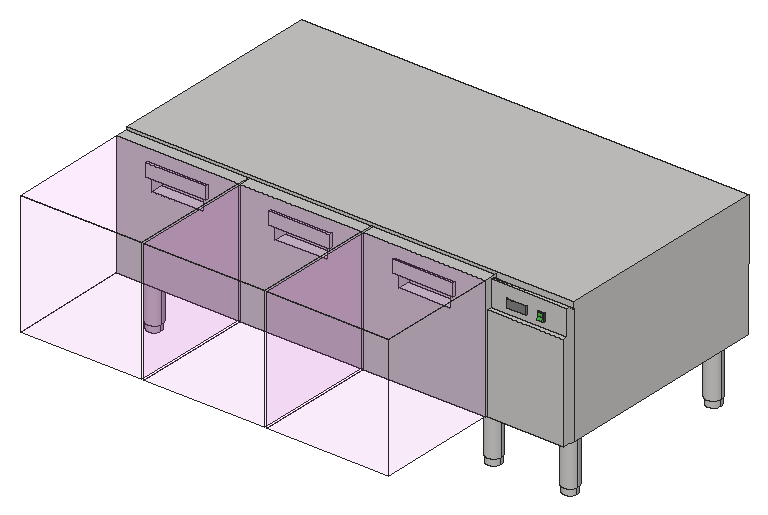
Revit family "QF_ELECTROLUXPROFESSIONAL_391601_E9TTAECOMKN", category Specialty Equipment, Revit 2018 (continued)
Lines and regions (mm)
  Split face 146
    outline origin (966.896, -448, 142.29) x (0, 0, -1) y (1, 0, 0)
      loop
        arc (-117.004, -234.4) -> (-121.004, -238.41) -> (-116.984, -242.399) r 4
        line (-116.984, -242.399) -> (-85.025, -242.399)
  Split face 147
    outline origin (978.896, -448, 142.29) x (0, 0, -1) y (1, 0, 0)
      loop
        arc (-85.025, -242.399) -> (-81.004, -238.41) -> (-85.004, -234.4) r 4
        line (-85.004, -234.4) -> (-117.004, -234.4)
        arc (-117.004, -234.4) -> (-121.004, -238.41) -> (-116.984, -242.399) r 4
        line (-116.984, -242.399) -> (-85.025, -242.399)
  Split face 148
    outline origin (990.896, -448, 142.29) x (0, 0, -1) y (1, 0, 0)
      loop
        arc (-85.025, -242.399) -> (-81.004, -238.41) -> (-85.004, -234.4) r 4
        line (-85.004, -234.4) -> (-117.004, -234.4)
        arc (-117.004, -234.4) -> (-121.004, -238.41) -> (-116.984, -242.399) r 4
        line (-116.984, -242.399) -> (-85.025, -242.399)
  Split face 149
    outline origin (1002.896, -448, 142.29) x (0, 0, -1) y (1, 0, 0)
      loop
        arc (-85.025, -242.399) -> (-81.004, -238.41) -> (-85.004, -234.4) r 4
        line (-85.004, -234.4) -> (-117.004, -234.4)
        arc (-117.004, -234.4) -> (-121.004, -238.41) -> (-116.984, -242.399) r 4
        line (-116.984, -242.399) -> (-85.025, -242.399)
  Split face 150
    outline origin (1014.896, -448, 142.29) x (0, 0, -1) y (1, 0, 0)
      loop
        arc (-85.025, -242.399) -> (-81.004, -238.41) -> (-85.004, -234.4) r 4
        line (-85.004, -234.4) -> (-117.004, -234.4)
        arc (-117.004, -234.4) -> (-121.004, -238.41) -> (-116.984, -242.399) r 4
        line (-116.984, -242.399) -> (-85.025, -242.399)
  Split face 151
    outline origin (787, -448, 142.29) x (0, 0, -1) y (1, 0, 0)
      loop
        arc (-85.025, -240.599) -> (-81.004, -236.61) -> (-85.004, -232.599) r 4
        line (-85.004, -232.599) -> (-117.004, -232.599)
        arc (-117.004, -232.599) -> (-121.004, -236.61) -> (-116.984, -240.599) r 4
        line (-116.984, -240.599) -> (-85.025, -240.599)
  symbolic lines, style "SpecialityEquipmentHiddenLines"
    curve 1: line (-799, 380, 0) -> (799, 380, 0)
    curve 2: line (-799, -448, 0) -> (-799, 380, 0)
    curve 3: line (799, -448, 0) -> (-799, -448, 0)
    curve 4: line (799, 380, 0) -> (799, -448, 0)
    curve 17: line (-799, -403, 0) -> (799, -403, 0)
  symbolic lines, style "QF_Door-Drawer Clearances"
    curve 5: line (-779, -448, 0) -> (-779, -573, 0)
    curve 6: line (-384.999, -573, 0) -> (-384.999, -448, 0)
    curve 7: line (-336.669, -448, 0) -> (-336.669, -573, 0)
    curve 8: line (57.331, -573, 0) -> (57.331, -448, 0)
    curve 9: line (-799, -573, 0) -> (-364.999, -573, 0)
    curve 10: line (-356.669, -573, 0) -> (77.331, -573, 0)
    curve 11: line (-799, -613, 0) -> (-364.999, -613, 0)
    curve 12: line (-356.669, -613, 0) -> (77.331, -613, 0)
    curve 13: line (-364.999, -613, 0) -> (-364.999, -573, 0)
    curve 14: line (-356.669, -573, 0) -> (-356.669, -613, 0)
    curve 15: line (-799, -573, 0) -> (-799, -613, 0)
    curve 16: line (77.331, -613, 0) -> (77.331, -573, 0)
    curve 18: line (105.661, -448, 0) -> (105.661, -573, 0)
    curve 19: line (499.661, -573, 0) -> (499.661, -448, 0)
    curve 20: line (85.661, -573, 0) -> (519.661, -573, 0)
    curve 21: line (85.661, -613, 0) -> (519.661, -613, 0)
    curve 22: line (85.661, -573, 0) -> (85.661, -613, 0)
    curve 23: line (519.661, -613, 0) -> (519.661, -573, 0)
Dimensions and locks
  plane 4 to level = 200 mm
  plane 5 "TOP" to level = 650 mm
  plane 5 "TOP" to plane 4 = 450 mm
  equal spacing: plane 8 "LEFT", plane 3 "Centro (Sinistra/Destra)", plane 9 "RIGHT"
  plane 8 "LEFT" to plane 9 "RIGHT" = 1600 mm
  equal spacing: plane 6 "BACK", plane 1 "Center X", plane 7 "FRONT"
  plane 6 "BACK" to plane 7 "FRONT" = 900 mm
  plane 6 "BACK" to plane 10 = 853 mm
  locked: plane 10 to plane 11 at 45
  locked: plane 8 "LEFT" to plane 12 at 55
  locked: plane 13 to plane 9 "RIGHT" at 55
  plane 12 to plane 14 = 1216 mm
  locked: plane 22 to plane 15 at 88
  locked: plane 16 to plane 11 at 98
  locked: plane 19 to plane 9 "RIGHT" at 1
  locked: plane 8 "LEFT" to plane 18 at 1
  plane 19 to plane 17 = 513 mm
  locked: plane 6 "BACK" to plane 20 at 160
  locked: plane 21 to plane 9 "RIGHT" at 40
  locked: plane 6 "BACK" to plane 22 at 70
  locked: plane 11 to plane 7 "FRONT" at 2
  plane 15 to plane 22 = 88 mm
  plane 11 to plane 16 = 98 mm
  plane 12 to plane 8 "LEFT" = 55 mm
  plane 14 to plane 12 = 1216 mm
  aligned and locked: level to plane 2
  aligned and locked: plane 12 to nested 1
  aligned and locked: nested 1 to plane 16
  aligned and locked: nested 2 to plane 15
  aligned and locked: plane 14 to nested 3
  aligned and locked: nested 4 to plane 14
  aligned and locked: plane 13 to nested 5
  aligned and locked: nested 6 to plane 13
  aligned and locked: Extrusion 1 sketch curve to plane 10
  aligned and locked: Extrusion 2 to plane 11
  aligned and locked: plane 4 to Extrusion 5
  aligned and locked: Extrusion 1 to plane 22
  aligned and locked: plane 15 to nested 6
  aligned and locked: plane 15 to nested 4
  aligned and locked: plane 16 to nested 5
  aligned and locked: plane 16 to nested 3
  aligned and locked: nested 2 to plane 12
Automatic sketch dimensions
  Extrusion 5 sketch curve to plane 20 = 30 mm
  Extrusion 5 sketch curve to plane 21 = 0 mm
  curve 1 to plane 18 = 0 mm
  curve 11 to plane 18 = 0 mm
  curve 5 to plane 11 = 0 mm
  curve 1 to plane 19 = 0 mm
  plane 10 to curve 17 = 0 mm
  curve 2 to plane 22 = 0 mm
  curve 11 to plane 7 "FRONT" = 163 mm
  curve 11 to plane 3 "Centro (Sinistra/Destra)" = 364.999 mm
  curve 11 to curve 12 = 8.33 mm
  plane 3 "Centro (Sinistra/Destra)" to curve 16 = 77.331 mm
  curve 10 to curve 20 = 8.33 mm
  plane 14 to curve 23 = 48.661 mm
  curve 21 to plane 7 "FRONT" = 163 mm
  curve 11 to curve 14 = 0 mm
  curve 12 to curve 16 = 40 mm
  curve 11 to curve 9 = 40 mm
  curve 10 to curve 20 = 0 mm
  curve 2 to curve 5 = 20 mm
  curve 6 to curve 9 = 20 mm
  curve 6 to curve 7 = 48.33 mm
  plane 3 "Centro (Sinistra/Destra)" to curve 8 = 57.331 mm
  curve 20 to curve 18 = 20 mm
  curve 19 to curve 20 = 20 mm
  Extrusion 1 sketch curve to plane 19 = 0 mm
  Extrusion 1 sketch curve to plane 18 = 0 mm
  plane 22 to Extrusion 1 sketch curve = 0 mm
  Extrusion 2 sketch curve to plane 18 = 0 mm
  plane 12 to Extrusion 2 sketch curve = 69.7 mm
  Extrusion 2 sketch curve to Extrusion 2 sketch curve = 186.601 mm
  Extrusion 2 sketch curve to plane 5 "TOP" = 9.006 mm
  Extrusion 2 sketch curve to Extrusion 2 sketch curve = 123.7 mm
  Extrusion 2 sketch curve to plane 5 "TOP" = 65 mm
  Extrusion 2 sketch curve to Extrusion 2 sketch curve = 78.294 mm
  plane 4 to Extrusion 2 sketch curve = 1.587 mm
  Extrusion 2 to Extrusion 3 sketch curve = 0 mm
  Extrusion 3 sketch curve to Extrusion 2 = 0 mm  (x3)
  Extrusion 4 sketch curve to Extrusion 2 = 15 mm  (x2)
  Extrusion 2 to Extrusion 4 sketch curve = 31.031 mm
  Extrusion 4 sketch curve to Extrusion 2 = 13.969 mm
  Extrusion 6 sketch curve to plane 11 = 0 mm
  Extrusion 6 sketch curve to plane 4 = 0 mm
  Extrusion 6 sketch curve to plane 10 = 0 mm
  plane 11 to Extrusion 6 sketch curve = 16.901 mm
  Extrusion 6 sketch curve to Extrusion 6 sketch curve = 11.336 mm
  plane 4 to Extrusion 6 sketch curve = 4.796 mm
  Extrusion 6 sketch curve to plane 10 = 15.163 mm
  Extrusion 6 sketch curve to plane 10 = 5.442 mm
  Extrusion 6 sketch curve to plane 5 "TOP" = 100.204 mm
  Extrusion 6 sketch curve to plane 5 "TOP" = 20.473 mm
  Extrusion 6 sketch curve to plane 5 "TOP" = 9.006 mm
  Extrusion 6 to Extrusion 7 sketch curve = 42.198 mm
  Extrusion 7 sketch curve to Extrusion 6 = 20 mm
  Extrusion 6 to Extrusion 7 sketch curve = 102.899 mm
  Extrusion 7 sketch curve to Extrusion 7 sketch curve = 22 mm
  Extrusion 6 to Extrusion 8 sketch curve = 42.198 mm
  Extrusion 8 sketch curve to Extrusion 6 = 20 mm
  Extrusion 6 to Extrusion 8 sketch curve = 54.901 mm
  Extrusion 8 sketch curve to Extrusion 8 sketch curve = 70 mm
  Split face 1 sketch curve to Extrusion 8 = 5 mm
  Split face 1 sketch curve to Extrusion 8 = 9 mm
  Split face 1 sketch curve to Extrusion 8 = 10 mm  (x2)
  Split face 2 sketch curve to Extrusion 8 = 12.5 mm
  Split face 2 sketch curve to Extrusion 8 = 7 mm
  Split face 3 sketch curve to Extrusion 8 = 7.5 mm
  Split face 3 sketch curve to Extrusion 8 = 7 mm
  Split face 4 sketch curve to Extrusion 8 = 11.5 mm
  Split face 4 sketch curve to Extrusion 8 = 7 mm
  Split face 5 sketch curve to Extrusion 8 = 7.5 mm
  Split face 5 sketch curve to Extrusion 8 = 7 mm
  Split face 6 sketch curve to Extrusion 8 = 12.5 mm
  Split face 6 sketch curve to Extrusion 8 = 7 mm
  Split face 7 sketch curve to Extrusion 8 = 11.5 mm
  Split face 7 sketch curve to Extrusion 8 = 7 mm
  Split face 8 sketch curve to Extrusion 8 = 7.047 mm
  Split face 8 sketch curve to Extrusion 8 = 2.047 mm
  Split face 8 sketch curve to Extrusion 8 = 10 mm
  Split face 8 sketch curve to Split face 8 sketch curve = 11 mm
  Split face 9 sketch curve to Extrusion 8 = 7.047 mm
  Split face 9 sketch curve to Extrusion 8 = 2.047 mm
  Split face 9 sketch curve to Extrusion 8 = 23 mm
  Split face 9 sketch curve to Split face 9 sketch curve = 11 mm
  Split face 10 sketch curve to Extrusion 8 = 7.047 mm
  Split face 10 sketch curve to Extrusion 8 = 2.047 mm
  Split face 10 sketch curve to Extrusion 8 = 34 mm
  Split face 10 sketch curve to Split face 10 sketch curve = 11 mm
  Split face 11 sketch curve to Extrusion 8 = 7.047 mm
  Split face 11 sketch curve to Extrusion 8 = 2.047 mm
  Split face 11 sketch curve to Extrusion 8 = 21 mm
  Split face 11 sketch curve to Extrusion 8 = 10 mm
  Extrusion 9 sketch curve to Extrusion 9 sketch curve = 0 mm  (x3)
  Extrusion 9 sketch curve to Extrusion 7 = 0 mm
  Extrusion 7 to Extrusion 9 sketch curve = 2.279 mm
  Extrusion 9 sketch curve to Extrusion 9 sketch curve = 0.116 mm
  Extrusion 9 sketch curve to Extrusion 9 sketch curve = 12.105 mm
  Extrusion 7 to Extrusion 9 sketch curve = 3.692 mm
  Extrusion 7 to Extrusion 9 sketch curve = 2.395 mm
  Split face 12 sketch curve to Extrusion 6 = 20.5 mm
  Split face 12 sketch curve to Split face 12 sketch curve = 0.02 mm  (x2)
  Split face 12 sketch curve to Split face 12 sketch curve = 31.959 mm
  Split face 12 sketch curve to Extrusion 6 = 30.401 mm
  Split face 12 sketch curve to Split face 12 sketch curve = 4 mm
  Split face 13 sketch curve to Extrusion 6 = 20.5 mm
  Split face 13 sketch curve to Split face 13 sketch curve = 0.02 mm  (x2)
  Split face 13 sketch curve to Split face 13 sketch curve = 31.959 mm
  Split face 13 sketch curve to Extrusion 6 = 42.4 mm
  Split face 13 sketch curve to Split face 13 sketch curve = 4 mm
  Split face 14 sketch curve to Extrusion 6 = 20.5 mm
  Split face 14 sketch curve to Split face 14 sketch curve = 0.02 mm  (x2)
  Split face 14 sketch curve to Split face 14 sketch curve = 31.959 mm
  Split face 14 sketch curve to Extrusion 6 = 54.4 mm
  Split face 14 sketch curve to Split face 14 sketch curve = 4 mm
  Split face 15 sketch curve to Extrusion 6 = 20.5 mm
  Split face 15 sketch curve to Split face 15 sketch curve = 0.02 mm  (x2)
  Split face 15 sketch curve to Split face 15 sketch curve = 31.959 mm
  Split face 15 sketch curve to Extrusion 6 = 66.297 mm
  Split face 15 sketch curve to Split face 15 sketch curve = 4 mm
  Split face 16 sketch curve to Extrusion 6 = 20.5 mm
  Split face 16 sketch curve to Split face 16 sketch curve = 0.02 mm  (x2)
  Split face 16 sketch curve to Split face 16 sketch curve = 31.959 mm
  Split face 16 sketch curve to Extrusion 6 = 78.297 mm
  Split face 16 sketch curve to Split face 16 sketch curve = 4 mm
  Split face 17 sketch curve to Extrusion 6 = 20.5 mm
  Split face 17 sketch curve to Split face 17 sketch curve = 0.02 mm  (x2)
  Split face 17 sketch curve to Split face 17 sketch curve = 31.959 mm
  Split face 17 sketch curve to Extrusion 6 = 90.297 mm
  Split face 17 sketch curve to Split face 17 sketch curve = 4 mm
  Split face 18 sketch curve to Extrusion 6 = 20.5 mm
  Split face 18 sketch curve to Split face 18 sketch curve = 0.02 mm  (x2)
  Split face 18 sketch curve to Split face 18 sketch curve = 31.959 mm
  Split face 18 sketch curve to Extrusion 6 = 102.297 mm
  Split face 18 sketch curve to Split face 18 sketch curve = 4 mm
  Split face 19 sketch curve to Extrusion 6 = 20.5 mm
  Split face 19 sketch curve to Split face 19 sketch curve = 0.02 mm  (x2)
  Split face 19 sketch curve to Split face 19 sketch curve = 31.959 mm
  Split face 19 sketch curve to Extrusion 6 = 114.297 mm
  Split face 19 sketch curve to Split face 19 sketch curve = 4 mm
  Split face 20 sketch curve to Extrusion 6 = 20.5 mm
  Split face 20 sketch curve to Split face 20 sketch curve = 0.02 mm  (x2)
  Split face 20 sketch curve to Split face 20 sketch curve = 31.959 mm
  Split face 20 sketch curve to Extrusion 6 = 126.297 mm
  Split face 20 sketch curve to Split face 20 sketch curve = 4 mm
  Split face 21 sketch curve to Extrusion 6 = 20.5 mm
  Split face 21 sketch curve to Split face 21 sketch curve = 0.02 mm  (x2)
  Split face 21 sketch curve to Split face 21 sketch curve = 31.959 mm
  Split face 21 sketch curve to Extrusion 6 = 134.503 mm
  Split face 21 sketch curve to Split face 21 sketch curve = 4 mm
  Split face 22 sketch curve to Extrusion 6 = 20.5 mm
  Split face 22 sketch curve to Split face 22 sketch curve = 0.02 mm  (x2)
  Split face 22 sketch curve to Split face 22 sketch curve = 31.959 mm
  Split face 22 sketch curve to Extrusion 6 = 122.504 mm
  Split face 22 sketch curve to Split face 22 sketch curve = 4 mm
  Split face 23 sketch curve to Extrusion 6 = 20.5 mm
  Split face 23 sketch curve to Split face 23 sketch curve = 0.02 mm  (x2)
  Split face 23 sketch curve to Split face 23 sketch curve = 31.959 mm
  Split face 23 sketch curve to Extrusion 6 = 110.503 mm
  Split face 23 sketch curve to Split face 23 sketch curve = 4 mm
  Split face 24 sketch curve to Extrusion 6 = 20.5 mm
  Split face 24 sketch curve to Split face 24 sketch curve = 0.02 mm  (x2)
  Split face 24 sketch curve to Split face 24 sketch curve = 31.959 mm
  Split face 24 sketch curve to Extrusion 6 = 98.503 mm
  Split face 24 sketch curve to Split face 24 sketch curve = 4 mm
  Split face 25 sketch curve to Extrusion 6 = 20.5 mm
  Split face 25 sketch curve to Split face 25 sketch curve = 0.02 mm  (x2)
  Split face 25 sketch curve to Split face 25 sketch curve = 31.959 mm
  Split face 25 sketch curve to Extrusion 6 = 86.503 mm
  Split face 25 sketch curve to Split face 25 sketch curve = 4 mm
  Split face 26 sketch curve to Extrusion 6 = 20.5 mm
  Split face 26 sketch curve to Split face 26 sketch curve = 0.02 mm  (x2)
  Split face 26 sketch curve to Split face 26 sketch curve = 31.959 mm
  Split face 26 sketch curve to Extrusion 6 = 74.504 mm
  Split face 26 sketch curve to Split face 26 sketch curve = 4 mm
  Split face 27 sketch curve to Extrusion 6 = 20.5 mm
  Split face 27 sketch curve to Split face 27 sketch curve = 0.02 mm  (x2)
  Split face 27 sketch curve to Split face 27 sketch curve = 31.959 mm
  Split face 27 sketch curve to Extrusion 6 = 62.503 mm
  Split face 27 sketch curve to Split face 27 sketch curve = 4 mm
  Split face 28 sketch curve to Extrusion 6 = 20.5 mm
  Split face 28 sketch curve to Split face 28 sketch curve = 0.02 mm  (x2)
  Split face 28 sketch curve to Split face 28 sketch curve = 31.959 mm
  Split face 28 sketch curve to Extrusion 6 = 50.504 mm
  Split face 28 sketch curve to Split face 28 sketch curve = 4 mm
  Split face 29 sketch curve to Extrusion 6 = 20.5 mm
  Split face 29 sketch curve to Split face 29 sketch curve = 0.02 mm  (x2)
  Split face 29 sketch curve to Split face 29 sketch curve = 31.959 mm
  Split face 29 sketch curve to Extrusion 6 = 38.504 mm
  Split face 29 sketch curve to Split face 29 sketch curve = 4 mm
  Split face 30 sketch curve to Extrusion 6 = 20.5 mm
  Split face 30 sketch curve to Split face 30 sketch curve = 0.02 mm  (x2)
  Split face 30 sketch curve to Split face 30 sketch curve = 31.959 mm
  Split face 30 sketch curve to Extrusion 6 = 26.504 mm
  Split face 30 sketch curve to Split face 30 sketch curve = 4 mm
  Split face 31 sketch curve to Extrusion 6 = 20.5 mm
  Split face 31 sketch curve to Split face 31 sketch curve = 0.02 mm  (x2)
  Split face 31 sketch curve to Split face 31 sketch curve = 31.959 mm
  Split face 31 sketch curve to Extrusion 6 = 18.401 mm
  Split face 31 sketch curve to Split face 31 sketch curve = 4 mm
  Split face 32 sketch curve to Extrusion 6 = 65.502 mm
  Split face 32 sketch curve to Split face 32 sketch curve = 0.02 mm  (x2)
  Split face 32 sketch curve to Split face 32 sketch curve = 31.959 mm
  Split face 32 sketch curve to Extrusion 6 = 30.401 mm
  Split face 32 sketch curve to Split face 32 sketch curve = 4 mm
  Split face 33 sketch curve to Extrusion 6 = 65.502 mm
  Split face 33 sketch curve to Split face 33 sketch curve = 0.02 mm  (x2)
  Split face 33 sketch curve to Split face 33 sketch curve = 31.959 mm
  Split face 33 sketch curve to Extrusion 6 = 42.4 mm
  Split face 33 sketch curve to Split face 33 sketch curve = 4 mm
  Split face 34 sketch curve to Extrusion 6 = 65.502 mm
  Split face 34 sketch curve to Split face 34 sketch curve = 0.02 mm  (x2)
  Split face 34 sketch curve to Split face 34 sketch curve = 31.959 mm
  Split face 34 sketch curve to Extrusion 6 = 54.4 mm
  Split face 34 sketch curve to Split face 34 sketch curve = 4 mm
  Split face 35 sketch curve to Extrusion 6 = 65.502 mm
  Split face 35 sketch curve to Split face 35 sketch curve = 0.02 mm  (x2)
  Split face 35 sketch curve to Split face 35 sketch curve = 31.959 mm
  Split face 35 sketch curve to Extrusion 6 = 66.297 mm
  Split face 35 sketch curve to Split face 35 sketch curve = 4 mm
  Split face 36 sketch curve to Extrusion 6 = 65.502 mm
  Split face 36 sketch curve to Split face 36 sketch curve = 0.02 mm  (x2)
  Split face 36 sketch curve to Split face 36 sketch curve = 31.959 mm
  Split face 36 sketch curve to Extrusion 6 = 78.297 mm
  Split face 36 sketch curve to Split face 36 sketch curve = 4 mm
  Split face 37 sketch curve to Extrusion 6 = 65.502 mm
  Split face 37 sketch curve to Split face 37 sketch curve = 0.02 mm  (x2)
  Split face 37 sketch curve to Split face 37 sketch curve = 31.959 mm
  Split face 37 sketch curve to Extrusion 6 = 90.297 mm
  Split face 37 sketch curve to Split face 37 sketch curve = 4 mm
  Split face 38 sketch curve to Extrusion 6 = 65.502 mm
  Split face 38 sketch curve to Split face 38 sketch curve = 0.02 mm  (x2)
  Split face 38 sketch curve to Split face 38 sketch curve = 31.959 mm
  Split face 38 sketch curve to Extrusion 6 = 102.297 mm
  Split face 38 sketch curve to Split face 38 sketch curve = 4 mm
  Split face 39 sketch curve to Extrusion 6 = 65.502 mm
  Split face 39 sketch curve to Split face 39 sketch curve = 0.02 mm  (x2)
  Split face 39 sketch curve to Split face 39 sketch curve = 31.959 mm
  Split face 39 sketch curve to Extrusion 6 = 114.297 mm
  Split face 39 sketch curve to Split face 39 sketch curve = 4 mm
  Split face 40 sketch curve to Extrusion 6 = 65.502 mm
  Split face 40 sketch curve to Split face 40 sketch curve = 0.02 mm  (x2)
  Split face 40 sketch curve to Split face 40 sketch curve = 31.959 mm
  Split face 40 sketch curve to Extrusion 6 = 126.297 mm
  Split face 40 sketch curve to Split face 40 sketch curve = 4 mm
  Split face 41 sketch curve to Extrusion 6 = 65.502 mm
  Split face 41 sketch curve to Split face 41 sketch curve = 0.02 mm  (x2)
  Split face 41 sketch curve to Split face 41 sketch curve = 31.959 mm
  Split face 41 sketch curve to Extrusion 6 = 134.503 mm
  Split face 41 sketch curve to Split face 41 sketch curve = 4 mm
  Split face 42 sketch curve to Extrusion 6 = 65.502 mm
  Split face 42 sketch curve to Split face 42 sketch curve = 0.02 mm  (x2)
  Split face 42 sketch curve to Split face 42 sketch curve = 31.959 mm
  Split face 42 sketch curve to Extrusion 6 = 122.504 mm
  Split face 42 sketch curve to Split face 42 sketch curve = 4 mm
  Split face 43 sketch curve to Extrusion 6 = 65.502 mm
  Split face 43 sketch curve to Split face 43 sketch curve = 0.02 mm  (x2)
  Split face 43 sketch curve to Split face 43 sketch curve = 31.959 mm
  Split face 43 sketch curve to Extrusion 6 = 110.503 mm
  Split face 43 sketch curve to Split face 43 sketch curve = 4 mm
  Split face 44 sketch curve to Extrusion 6 = 65.502 mm
  Split face 44 sketch curve to Split face 44 sketch curve = 0.02 mm  (x2)
  Split face 44 sketch curve to Split face 44 sketch curve = 31.959 mm
  Split face 44 sketch curve to Extrusion 6 = 98.503 mm
  Split face 44 sketch curve to Split face 44 sketch curve = 4 mm
  Split face 45 sketch curve to Extrusion 6 = 65.502 mm
  Split face 45 sketch curve to Split face 45 sketch curve = 0.02 mm  (x2)
  Split face 45 sketch curve to Split face 45 sketch curve = 31.959 mm
  Split face 45 sketch curve to Extrusion 6 = 86.503 mm
  Split face 45 sketch curve to Split face 45 sketch curve = 4 mm
  Split face 46 sketch curve to Extrusion 6 = 65.502 mm
  Split face 46 sketch curve to Split face 46 sketch curve = 0.02 mm  (x2)
  Split face 46 sketch curve to Split face 46 sketch curve = 31.959 mm
  Split face 46 sketch curve to Extrusion 6 = 74.504 mm
  Split face 46 sketch curve to Split face 46 sketch curve = 4 mm
  Split face 47 sketch curve to Extrusion 6 = 65.502 mm
  Split face 47 sketch curve to Split face 47 sketch curve = 0.02 mm  (x2)
  Split face 47 sketch curve to Split face 47 sketch curve = 31.959 mm
  Split face 47 sketch curve to Extrusion 6 = 62.503 mm
  Split face 47 sketch curve to Split face 47 sketch curve = 4 mm
  Split face 48 sketch curve to Extrusion 6 = 65.502 mm
  Split face 48 sketch curve to Split face 48 sketch curve = 0.02 mm  (x2)
  Split face 48 sketch curve to Split face 48 sketch curve = 31.959 mm
  Split face 48 sketch curve to Extrusion 6 = 50.504 mm
  Split face 48 sketch curve to Split face 48 sketch curve = 4 mm
  Split face 49 sketch curve to Extrusion 6 = 65.502 mm
  Split face 49 sketch curve to Split face 49 sketch curve = 0.02 mm  (x2)
  Split face 49 sketch curve to Split face 49 sketch curve = 31.959 mm
  Split face 49 sketch curve to Extrusion 6 = 38.504 mm
  Split face 49 sketch curve to Split face 49 sketch curve = 4 mm
  Split face 50 sketch curve to Extrusion 6 = 22.504 mm
  Split face 50 sketch curve to Extrusion 6 = 65.502 mm
  Split face 50 sketch curve to Split face 50 sketch curve = 0.02 mm  (x2)
  Split face 50 sketch curve to Split face 50 sketch curve = 31.959 mm
  Split face 50 sketch curve to Split face 50 sketch curve = 4 mm
  Split face 51 sketch curve to Extrusion 6 = 22.401 mm
  Split face 51 sketch curve to Extrusion 6 = 65.502 mm
  Split face 51 sketch curve to Split face 51 sketch curve = 0.02 mm  (x2)
  Split face 51 sketch curve to Split face 51 sketch curve = 31.959 mm
  Split face 51 sketch curve to Split face 51 sketch curve = 4 mm
  Split face 52 sketch curve to Extrusion 6 = 34.401 mm
  Split face 52 sketch curve to Extrusion 6 = 110.502 mm
  Split face 52 sketch curve to Split face 52 sketch curve = 0.02 mm  (x2)
  Split face 52 sketch curve to Split face 52 sketch curve = 31.959 mm
  Split face 52 sketch curve to Split face 52 sketch curve = 4 mm
  Split face 53 sketch curve to Extrusion 6 = 46.4 mm
  Split face 53 sketch curve to Extrusion 6 = 110.502 mm
  Split face 53 sketch curve to Split face 53 sketch curve = 0.02 mm  (x2)
  Split face 53 sketch curve to Split face 53 sketch curve = 31.959 mm
  Split face 53 sketch curve to Split face 53 sketch curve = 4 mm
  Split face 54 sketch curve to Extrusion 6 = 110.502 mm
  Split face 54 sketch curve to Split face 54 sketch curve = 0.02 mm  (x2)
  Split face 54 sketch curve to Split face 54 sketch curve = 31.959 mm
  Split face 54 sketch curve to Extrusion 6 = 54.4 mm
  Split face 54 sketch curve to Split face 54 sketch curve = 4 mm
  Split face 55 sketch curve to Extrusion 6 = 110.502 mm
  Split face 55 sketch curve to Split face 55 sketch curve = 0.02 mm  (x2)
  Split face 55 sketch curve to Split face 55 sketch curve = 31.959 mm
  Split face 55 sketch curve to Extrusion 6 = 66.297 mm
  Split face 55 sketch curve to Split face 55 sketch curve = 4 mm
  Split face 56 sketch curve to Extrusion 6 = 110.502 mm
  Split face 56 sketch curve to Split face 56 sketch curve = 0.02 mm  (x2)
  Split face 56 sketch curve to Split face 56 sketch curve = 31.959 mm
  Split face 56 sketch curve to Extrusion 6 = 78.297 mm
  Split face 56 sketch curve to Split face 56 sketch curve = 4 mm
  Split face 57 sketch curve to Extrusion 6 = 110.502 mm
  Split face 57 sketch curve to Split face 57 sketch curve = 0.02 mm  (x2)
  Split face 57 sketch curve to Split face 57 sketch curve = 31.959 mm
  Split face 57 sketch curve to Extrusion 6 = 90.297 mm
  Split face 57 sketch curve to Split face 57 sketch curve = 4 mm
  Split face 58 sketch curve to Extrusion 6 = 110.502 mm
  Split face 58 sketch curve to Split face 58 sketch curve = 0.02 mm  (x2)
  Split face 58 sketch curve to Split face 58 sketch curve = 31.959 mm
  Split face 58 sketch curve to Extrusion 6 = 102.297 mm
  Split face 58 sketch curve to Split face 58 sketch curve = 4 mm
  Split face 59 sketch curve to Extrusion 6 = 110.502 mm
  Split face 59 sketch curve to Split face 59 sketch curve = 0.02 mm  (x2)
  Split face 59 sketch curve to Split face 59 sketch curve = 31.959 mm
  Split face 59 sketch curve to Extrusion 6 = 114.297 mm
  Split face 59 sketch curve to Split face 59 sketch curve = 4 mm
  Split face 60 sketch curve to Extrusion 6 = 110.502 mm
  Split face 60 sketch curve to Split face 60 sketch curve = 0.02 mm  (x2)
  Split face 60 sketch curve to Split face 60 sketch curve = 31.959 mm
  Split face 60 sketch curve to Extrusion 6 = 126.297 mm
  Split face 60 sketch curve to Split face 60 sketch curve = 4 mm
  Split face 61 sketch curve to Extrusion 6 = 110.502 mm
  Split face 61 sketch curve to Split face 61 sketch curve = 0.02 mm  (x2)
  Split face 61 sketch curve to Split face 61 sketch curve = 31.959 mm
  Split face 61 sketch curve to Extrusion 6 = 134.503 mm
  Split face 61 sketch curve to Split face 61 sketch curve = 4 mm
  Split face 62 sketch curve to Extrusion 6 = 110.502 mm
  Split face 62 sketch curve to Split face 62 sketch curve = 0.02 mm  (x2)
  Split face 62 sketch curve to Split face 62 sketch curve = 31.959 mm
  Split face 62 sketch curve to Extrusion 6 = 122.504 mm
  Split face 62 sketch curve to Split face 62 sketch curve = 4 mm
  Split face 63 sketch curve to Extrusion 6 = 110.502 mm
  Split face 63 sketch curve to Split face 63 sketch curve = 0.02 mm  (x2)
  Split face 63 sketch curve to Split face 63 sketch curve = 31.959 mm
  Split face 63 sketch curve to Extrusion 6 = 110.503 mm
  Split face 63 sketch curve to Split face 63 sketch curve = 4 mm
  Split face 64 sketch curve to Extrusion 6 = 110.502 mm
  Split face 64 sketch curve to Split face 64 sketch curve = 0.02 mm  (x2)
  Split face 64 sketch curve to Split face 64 sketch curve = 31.959 mm
  Split face 64 sketch curve to Extrusion 6 = 98.503 mm
  Split face 64 sketch curve to Split face 64 sketch curve = 4 mm
  Split face 65 sketch curve to Extrusion 6 = 110.502 mm
  Split face 65 sketch curve to Split face 65 sketch curve = 0.02 mm  (x2)
  Split face 65 sketch curve to Split face 65 sketch curve = 31.959 mm
  Split face 65 sketch curve to Extrusion 6 = 86.503 mm
  Split face 65 sketch curve to Split face 65 sketch curve = 4 mm
  Split face 66 sketch curve to Extrusion 6 = 110.502 mm
  Split face 66 sketch curve to Split face 66 sketch curve = 0.02 mm  (x2)
  Split face 66 sketch curve to Split face 66 sketch curve = 31.959 mm
  Split face 66 sketch curve to Extrusion 6 = 74.504 mm
  Split face 66 sketch curve to Split face 66 sketch curve = 4 mm
  Split face 67 sketch curve to Extrusion 6 = 110.502 mm
  Split face 67 sketch curve to Split face 67 sketch curve = 0.02 mm  (x2)
  Split face 67 sketch curve to Split face 67 sketch curve = 31.959 mm
  Split face 67 sketch curve to Extrusion 6 = 62.503 mm
  Split face 67 sketch curve to Split face 67 sketch curve = 4 mm
  Split face 68 sketch curve to Extrusion 6 = 46.504 mm
  Split face 68 sketch curve to Extrusion 6 = 110.502 mm
  Split face 68 sketch curve to Split face 68 sketch curve = 0.02 mm  (x2)
  Split face 68 sketch curve to Split face 68 sketch curve = 31.959 mm
  Split face 68 sketch curve to Split face 68 sketch curve = 4 mm
  Split face 69 sketch curve to Extrusion 6 = 34.504 mm
  Split face 69 sketch curve to Extrusion 6 = 110.502 mm
  Split face 69 sketch curve to Split face 69 sketch curve = 0.02 mm  (x2)
  Split face 69 sketch curve to Split face 69 sketch curve = 31.959 mm
  Split face 69 sketch curve to Split face 69 sketch curve = 4 mm
  Split face 70 sketch curve to Extrusion 6 = 22.504 mm
  Split face 70 sketch curve to Extrusion 6 = 110.502 mm
  Split face 70 sketch curve to Split face 70 sketch curve = 0.02 mm  (x2)
  Split face 70 sketch curve to Split face 70 sketch curve = 31.959 mm
  Split face 70 sketch curve to Split face 70 sketch curve = 4 mm
  Split face 71 sketch curve to Extrusion 6 = 22.401 mm
  Split face 71 sketch curve to Extrusion 6 = 110.502 mm
  Split face 71 sketch curve to Split face 71 sketch curve = 0.02 mm  (x2)
  Split face 71 sketch curve to Split face 71 sketch curve = 31.959 mm
  Split face 71 sketch curve to Split face 71 sketch curve = 4 mm
  Split face 72 sketch curve to Extrusion 6 = 34.401 mm
  Split face 72 sketch curve to Extrusion 6 = 155.502 mm
  Split face 72 sketch curve to Split face 72 sketch curve = 0.02 mm  (x2)
  Split face 72 sketch curve to Split face 72 sketch curve = 31.959 mm
  Split face 72 sketch curve to Split face 72 sketch curve = 4 mm
  Split face 73 sketch curve to Extrusion 6 = 46.4 mm
  Split face 73 sketch curve to Extrusion 6 = 155.502 mm
  Split face 73 sketch curve to Split face 73 sketch curve = 0.02 mm  (x2)
  Split face 73 sketch curve to Split face 73 sketch curve = 31.959 mm
  Split face 73 sketch curve to Split face 73 sketch curve = 4 mm
  Split face 74 sketch curve to Extrusion 6 = 58.4 mm
  Split face 74 sketch curve to Extrusion 6 = 155.502 mm
  Split face 74 sketch curve to Split face 74 sketch curve = 0.02 mm  (x2)
  Split face 74 sketch curve to Split face 74 sketch curve = 31.959 mm
  Split face 74 sketch curve to Split face 74 sketch curve = 4 mm
  Split face 75 sketch curve to Extrusion 6 = 70.297 mm
  Split face 75 sketch curve to Extrusion 6 = 155.502 mm
  Split face 75 sketch curve to Split face 75 sketch curve = 0.02 mm  (x2)
  Split face 75 sketch curve to Split face 75 sketch curve = 31.959 mm
  Split face 75 sketch curve to Split face 75 sketch curve = 4 mm
  Split face 76 sketch curve to Extrusion 6 = 155.502 mm
  Split face 76 sketch curve to Split face 76 sketch curve = 0.02 mm  (x2)
  Split face 76 sketch curve to Split face 76 sketch curve = 31.959 mm
  Split face 76 sketch curve to Extrusion 6 = 78.297 mm
  Split face 76 sketch curve to Split face 76 sketch curve = 4 mm
  Split face 77 sketch curve to Extrusion 6 = 155.502 mm
  Split face 77 sketch curve to Split face 77 sketch curve = 0.02 mm  (x2)
  Split face 77 sketch curve to Split face 77 sketch curve = 31.959 mm
  Split face 77 sketch curve to Extrusion 6 = 90.297 mm
  Split face 77 sketch curve to Split face 77 sketch curve = 4 mm
  Split face 78 sketch curve to Extrusion 6 = 155.502 mm
  Split face 78 sketch curve to Split face 78 sketch curve = 0.02 mm  (x2)
  Split face 78 sketch curve to Split face 78 sketch curve = 31.959 mm
  Split face 78 sketch curve to Extrusion 6 = 102.297 mm
  Split face 78 sketch curve to Split face 78 sketch curve = 4 mm
  Split face 79 sketch curve to Extrusion 6 = 155.502 mm
  Split face 79 sketch curve to Split face 79 sketch curve = 0.02 mm  (x2)
  Split face 79 sketch curve to Split face 79 sketch curve = 31.959 mm
  Split face 79 sketch curve to Extrusion 6 = 114.297 mm
  Split face 79 sketch curve to Split face 79 sketch curve = 4 mm
  Split face 80 sketch curve to Extrusion 6 = 155.502 mm
  Split face 80 sketch curve to Split face 80 sketch curve = 0.02 mm  (x2)
  Split face 80 sketch curve to Split face 80 sketch curve = 31.959 mm
  Split face 80 sketch curve to Extrusion 6 = 126.297 mm
  Split face 80 sketch curve to Split face 80 sketch curve = 4 mm
  Split face 81 sketch curve to Extrusion 6 = 155.502 mm
  Split face 81 sketch curve to Split face 81 sketch curve = 0.02 mm  (x2)
  Split face 81 sketch curve to Split face 81 sketch curve = 31.959 mm
  Split face 81 sketch curve to Extrusion 6 = 134.503 mm
  Split face 81 sketch curve to Split face 81 sketch curve = 4 mm
  Split face 82 sketch curve to Extrusion 6 = 155.502 mm
  Split face 82 sketch curve to Split face 82 sketch curve = 0.02 mm  (x2)
  Split face 82 sketch curve to Split face 82 sketch curve = 31.959 mm
  Split face 82 sketch curve to Extrusion 6 = 122.504 mm
  Split face 82 sketch curve to Split face 82 sketch curve = 4 mm
  Split face 83 sketch curve to Extrusion 6 = 155.502 mm
  Split face 83 sketch curve to Split face 83 sketch curve = 0.02 mm  (x2)
  Split face 83 sketch curve to Split face 83 sketch curve = 31.959 mm
  Split face 83 sketch curve to Extrusion 6 = 110.503 mm
  Split face 83 sketch curve to Split face 83 sketch curve = 4 mm
  Split face 84 sketch curve to Extrusion 6 = 155.502 mm
  Split face 84 sketch curve to Split face 84 sketch curve = 0.02 mm  (x2)
  Split face 84 sketch curve to Split face 84 sketch curve = 31.959 mm
  Split face 84 sketch curve to Extrusion 6 = 98.503 mm
  Split face 84 sketch curve to Split face 84 sketch curve = 4 mm
  Split face 85 sketch curve to Extrusion 6 = 155.502 mm
  Split face 85 sketch curve to Split face 85 sketch curve = 0.02 mm  (x2)
  Split face 85 sketch curve to Split face 85 sketch curve = 31.959 mm
  Split face 85 sketch curve to Extrusion 6 = 86.503 mm
  Split face 85 sketch curve to Split face 85 sketch curve = 4 mm
  Split face 86 sketch curve to Extrusion 6 = 70.504 mm
  Split face 86 sketch curve to Extrusion 6 = 155.502 mm
  Split face 86 sketch curve to Split face 86 sketch curve = 0.02 mm  (x2)
  Split face 86 sketch curve to Split face 86 sketch curve = 31.959 mm
  Split face 86 sketch curve to Split face 86 sketch curve = 4 mm
  Split face 87 sketch curve to Extrusion 6 = 58.503 mm
  Split face 87 sketch curve to Extrusion 6 = 155.502 mm
  Split face 87 sketch curve to Split face 87 sketch curve = 0.02 mm  (x2)
  Split face 87 sketch curve to Split face 87 sketch curve = 31.959 mm
  Split face 87 sketch curve to Split face 87 sketch curve = 4 mm
  Split face 88 sketch curve to Extrusion 6 = 46.504 mm
  Split face 88 sketch curve to Extrusion 6 = 155.502 mm
  Split face 88 sketch curve to Split face 88 sketch curve = 0.02 mm  (x2)
  Split face 88 sketch curve to Split face 88 sketch curve = 31.959 mm
  Split face 88 sketch curve to Split face 88 sketch curve = 4 mm
  Split face 89 sketch curve to Extrusion 6 = 34.504 mm
  Split face 89 sketch curve to Extrusion 6 = 155.502 mm
  Split face 89 sketch curve to Split face 89 sketch curve = 0.02 mm  (x2)
  Split face 89 sketch curve to Split face 89 sketch curve = 31.959 mm
  Split face 89 sketch curve to Split face 89 sketch curve = 4 mm
  Split face 90 sketch curve to Extrusion 6 = 22.504 mm
  Split face 90 sketch curve to Extrusion 6 = 155.502 mm
  Split face 90 sketch curve to Split face 90 sketch curve = 0.02 mm  (x2)
  Split face 90 sketch curve to Split face 90 sketch curve = 31.959 mm
  Split face 90 sketch curve to Split face 90 sketch curve = 4 mm
  Split face 91 sketch curve to Extrusion 6 = 22.401 mm
  Split face 91 sketch curve to Extrusion 6 = 155.502 mm
  Split face 91 sketch curve to Split face 91 sketch curve = 0.02 mm  (x2)
  Split face 91 sketch curve to Split face 91 sketch curve = 31.959 mm
  Split face 91 sketch curve to Split face 91 sketch curve = 4 mm
  Split face 92 sketch curve to Extrusion 6 = 34.401 mm
  Split face 92 sketch curve to Extrusion 6 = 144.498 mm
  Split face 92 sketch curve to Split face 92 sketch curve = 0.02 mm  (x2)
  Split face 92 sketch curve to Split face 92 sketch curve = 31.959 mm
  Split face 92 sketch curve to Split face 92 sketch curve = 4 mm
  Split face 93 sketch curve to Extrusion 6 = 46.4 mm
  Split face 93 sketch curve to Extrusion 6 = 144.498 mm
  Split face 93 sketch curve to Split face 93 sketch curve = 0.02 mm  (x2)
  Split face 93 sketch curve to Split face 93 sketch curve = 31.959 mm
  Split face 93 sketch curve to Split face 93 sketch curve = 4 mm
  Split face 94 sketch curve to Extrusion 6 = 58.4 mm
  Split face 94 sketch curve to Extrusion 6 = 144.498 mm
  Split face 94 sketch curve to Split face 94 sketch curve = 0.02 mm  (x2)
  Split face 94 sketch curve to Split face 94 sketch curve = 31.959 mm
  Split face 94 sketch curve to Split face 94 sketch curve = 4 mm
  Split face 95 sketch curve to Extrusion 6 = 70.297 mm
  Split face 95 sketch curve to Extrusion 6 = 144.498 mm
  Split face 95 sketch curve to Split face 95 sketch curve = 0.02 mm  (x2)
  Split face 95 sketch curve to Split face 95 sketch curve = 31.959 mm
  Split face 95 sketch curve to Split face 95 sketch curve = 4 mm
  Split face 96 sketch curve to Extrusion 6 = 144.498 mm
  Split face 96 sketch curve to Split face 96 sketch curve = 0.02 mm  (x2)
  Split face 96 sketch curve to Split face 96 sketch curve = 31.959 mm
  Split face 96 sketch curve to Extrusion 6 = 78.297 mm
  Split face 96 sketch curve to Split face 96 sketch curve = 4 mm
  Split face 97 sketch curve to Extrusion 6 = 144.498 mm
  Split face 97 sketch curve to Split face 97 sketch curve = 0.02 mm  (x2)
  Split face 97 sketch curve to Split face 97 sketch curve = 31.959 mm
  Split face 97 sketch curve to Extrusion 6 = 90.297 mm
  Split face 97 sketch curve to Split face 97 sketch curve = 4 mm
  Split face 98 sketch curve to Extrusion 6 = 144.498 mm
  Split face 98 sketch curve to Split face 98 sketch curve = 0.02 mm  (x2)
  Split face 98 sketch curve to Split face 98 sketch curve = 31.959 mm
  Split face 98 sketch curve to Extrusion 6 = 102.297 mm
  Split face 98 sketch curve to Split face 98 sketch curve = 4 mm
  Split face 99 sketch curve to Extrusion 6 = 144.498 mm
  Split face 99 sketch curve to Split face 99 sketch curve = 0.02 mm  (x2)
  Split face 99 sketch curve to Split face 99 sketch curve = 31.959 mm
  Split face 99 sketch curve to Extrusion 6 = 114.297 mm
  Split face 99 sketch curve to Split face 99 sketch curve = 4 mm
  Split face 100 sketch curve to Extrusion 6 = 144.498 mm
  Split face 100 sketch curve to Split face 100 sketch curve = 0.02 mm  (x2)
  Split face 100 sketch curve to Split face 100 sketch curve = 31.959 mm
  Split face 100 sketch curve to Extrusion 6 = 126.297 mm
  Split face 100 sketch curve to Split face 100 sketch curve = 4 mm
  Split face 101 sketch curve to Extrusion 6 = 144.498 mm
  Split face 101 sketch curve to Split face 101 sketch curve = 0.02 mm  (x2)
  Split face 101 sketch curve to Split face 101 sketch curve = 31.959 mm
  Split face 101 sketch curve to Extrusion 6 = 134.503 mm
  Split face 101 sketch curve to Split face 101 sketch curve = 4 mm
  Split face 102 sketch curve to Extrusion 6 = 144.498 mm
  Split face 102 sketch curve to Split face 102 sketch curve = 0.02 mm  (x2)
  Split face 102 sketch curve to Split face 102 sketch curve = 31.959 mm
  Split face 102 sketch curve to Extrusion 6 = 122.504 mm
  Split face 102 sketch curve to Split face 102 sketch curve = 4 mm
  Split face 103 sketch curve to Extrusion 6 = 144.498 mm
  Split face 103 sketch curve to Split face 103 sketch curve = 0.02 mm  (x2)
  Split face 103 sketch curve to Split face 103 sketch curve = 31.959 mm
  Split face 103 sketch curve to Extrusion 6 = 110.503 mm
  Split face 103 sketch curve to Split face 103 sketch curve = 4 mm
  Split face 104 sketch curve to Extrusion 6 = 144.498 mm
  Split face 104 sketch curve to Split face 104 sketch curve = 0.02 mm  (x2)
  Split face 104 sketch curve to Split face 104 sketch curve = 31.959 mm
  Split face 104 sketch curve to Extrusion 6 = 98.503 mm
  Split face 104 sketch curve to Split face 104 sketch curve = 4 mm
  Split face 105 sketch curve to Extrusion 6 = 144.498 mm
  Split face 105 sketch curve to Split face 105 sketch curve = 0.02 mm  (x2)
  Split face 105 sketch curve to Split face 105 sketch curve = 31.959 mm
  Split face 105 sketch curve to Extrusion 6 = 86.503 mm
  Split face 105 sketch curve to Split face 105 sketch curve = 4 mm
  Split face 106 sketch curve to Extrusion 6 = 70.504 mm
  Split face 106 sketch curve to Extrusion 6 = 144.498 mm
  Split face 106 sketch curve to Split face 106 sketch curve = 0.02 mm  (x2)
  Split face 106 sketch curve to Split face 106 sketch curve = 31.959 mm
  Split face 106 sketch curve to Split face 106 sketch curve = 4 mm
  Split face 107 sketch curve to Extrusion 6 = 58.503 mm
  Split face 107 sketch curve to Extrusion 6 = 144.498 mm
  Split face 107 sketch curve to Split face 107 sketch curve = 0.02 mm  (x2)
  Split face 107 sketch curve to Split face 107 sketch curve = 31.959 mm
  Split face 107 sketch curve to Split face 107 sketch curve = 4 mm
  Split face 108 sketch curve to Extrusion 6 = 46.504 mm
  Split face 108 sketch curve to Extrusion 6 = 144.498 mm
  Split face 108 sketch curve to Split face 108 sketch curve = 0.02 mm  (x2)
  Split face 108 sketch curve to Split face 108 sketch curve = 31.959 mm
  Split face 108 sketch curve to Split face 108 sketch curve = 4 mm
  Split face 109 sketch curve to Extrusion 6 = 34.504 mm
  Split face 109 sketch curve to Extrusion 6 = 144.498 mm
  Split face 109 sketch curve to Split face 109 sketch curve = 0.02 mm  (x2)
  Split face 109 sketch curve to Split face 109 sketch curve = 31.959 mm
  Split face 109 sketch curve to Split face 109 sketch curve = 4 mm
  Split face 110 sketch curve to Extrusion 6 = 22.504 mm
  Split face 110 sketch curve to Extrusion 6 = 144.498 mm
  Split face 110 sketch curve to Split face 110 sketch curve = 0.02 mm  (x2)
  Split face 110 sketch curve to Split face 110 sketch curve = 31.959 mm
  Split face 110 sketch curve to Split face 110 sketch curve = 4 mm
  Split face 111 sketch curve to Extrusion 6 = 22.401 mm
  Split face 111 sketch curve to Extrusion 6 = 144.498 mm
  Split face 111 sketch curve to Split face 111 sketch curve = 0.02 mm  (x2)
  Split face 111 sketch curve to Split face 111 sketch curve = 31.959 mm
  Split face 111 sketch curve to Split face 111 sketch curve = 4 mm
  Split face 112 sketch curve to Extrusion 6 = 34.401 mm
  Split face 112 sketch curve to Extrusion 6 = 99.499 mm
  Split face 112 sketch curve to Split face 112 sketch curve = 0.02 mm  (x2)
  Split face 112 sketch curve to Split face 112 sketch curve = 31.959 mm
  Split face 112 sketch curve to Split face 112 sketch curve = 4 mm
  Split face 113 sketch curve to Extrusion 6 = 46.4 mm
  Split face 113 sketch curve to Extrusion 6 = 99.499 mm
  Split face 113 sketch curve to Split face 113 sketch curve = 0.02 mm  (x2)
  Split face 113 sketch curve to Split face 113 sketch curve = 31.959 mm
  Split face 113 sketch curve to Split face 113 sketch curve = 4 mm
  Split face 114 sketch curve to Extrusion 6 = 99.499 mm
  Split face 114 sketch curve to Split face 114 sketch curve = 0.02 mm  (x2)
  Split face 114 sketch curve to Split face 114 sketch curve = 31.959 mm
  Split face 114 sketch curve to Extrusion 6 = 54.4 mm
  Split face 114 sketch curve to Split face 114 sketch curve = 4 mm
  Split face 115 sketch curve to Extrusion 6 = 99.499 mm
  Split face 115 sketch curve to Split face 115 sketch curve = 0.02 mm  (x2)
  Split face 115 sketch curve to Split face 115 sketch curve = 31.959 mm
  Split face 115 sketch curve to Extrusion 6 = 66.297 mm
  Split face 115 sketch curve to Split face 115 sketch curve = 4 mm
  Split face 116 sketch curve to Extrusion 6 = 99.499 mm
  Split face 116 sketch curve to Split face 116 sketch curve = 0.02 mm  (x2)
  Split face 116 sketch curve to Split face 116 sketch curve = 31.959 mm
  Split face 116 sketch curve to Extrusion 6 = 78.297 mm
  Split face 116 sketch curve to Split face 116 sketch curve = 4 mm
  Split face 117 sketch curve to Extrusion 6 = 99.499 mm
  Split face 117 sketch curve to Split face 117 sketch curve = 0.02 mm  (x2)
  Split face 117 sketch curve to Split face 117 sketch curve = 31.959 mm
  Split face 117 sketch curve to Extrusion 6 = 90.297 mm
  Split face 117 sketch curve to Split face 117 sketch curve = 4 mm
  Split face 118 sketch curve to Extrusion 6 = 99.499 mm
  Split face 118 sketch curve to Split face 118 sketch curve = 0.02 mm  (x2)
  Split face 118 sketch curve to Split face 118 sketch curve = 31.959 mm
  Split face 118 sketch curve to Extrusion 6 = 102.297 mm
  Split face 118 sketch curve to Split face 118 sketch curve = 4 mm
  Split face 119 sketch curve to Extrusion 6 = 99.499 mm
  Split face 119 sketch curve to Split face 119 sketch curve = 0.02 mm  (x2)
  Split face 119 sketch curve to Split face 119 sketch curve = 31.959 mm
  Split face 119 sketch curve to Extrusion 6 = 114.297 mm
  Split face 119 sketch curve to Split face 119 sketch curve = 4 mm
  Split face 120 sketch curve to Extrusion 6 = 99.499 mm
  Split face 120 sketch curve to Split face 120 sketch curve = 0.02 mm  (x2)
  Split face 120 sketch curve to Split face 120 sketch curve = 31.959 mm
  Split face 120 sketch curve to Extrusion 6 = 126.297 mm
  Split face 120 sketch curve to Split face 120 sketch curve = 4 mm
  Split face 121 sketch curve to Extrusion 6 = 99.499 mm
  Split face 121 sketch curve to Split face 121 sketch curve = 0.02 mm  (x2)
  Split face 121 sketch curve to Split face 121 sketch curve = 31.959 mm
  Split face 121 sketch curve to Extrusion 6 = 134.503 mm
  Split face 121 sketch curve to Split face 121 sketch curve = 4 mm
  Split face 122 sketch curve to Extrusion 6 = 99.499 mm
  Split face 122 sketch curve to Split face 122 sketch curve = 0.02 mm  (x2)
  Split face 122 sketch curve to Split face 122 sketch curve = 31.959 mm
  Split face 122 sketch curve to Extrusion 6 = 122.504 mm
  Split face 122 sketch curve to Split face 122 sketch curve = 4 mm
  Split face 123 sketch curve to Extrusion 6 = 99.499 mm
  Split face 123 sketch curve to Split face 123 sketch curve = 0.02 mm  (x2)
  Split face 123 sketch curve to Split face 123 sketch curve = 31.959 mm
  Split face 123 sketch curve to Extrusion 6 = 110.503 mm
  Split face 123 sketch curve to Split face 123 sketch curve = 4 mm
  Split face 124 sketch curve to Extrusion 6 = 99.499 mm
  Split face 124 sketch curve to Split face 124 sketch curve = 0.02 mm  (x2)
  Split face 124 sketch curve to Split face 124 sketch curve = 31.959 mm
  Split face 124 sketch curve to Extrusion 6 = 98.503 mm
  Split face 124 sketch curve to Split face 124 sketch curve = 4 mm
  Split face 125 sketch curve to Extrusion 6 = 99.499 mm
  Split face 125 sketch curve to Split face 125 sketch curve = 0.02 mm  (x2)
  Split face 125 sketch curve to Split face 125 sketch curve = 31.959 mm
  Split face 125 sketch curve to Extrusion 6 = 86.503 mm
  Split face 125 sketch curve to Split face 125 sketch curve = 4 mm
  Split face 126 sketch curve to Extrusion 6 = 99.499 mm
  Split face 126 sketch curve to Split face 126 sketch curve = 0.02 mm  (x2)
  Split face 126 sketch curve to Split face 126 sketch curve = 31.959 mm
  Split face 126 sketch curve to Extrusion 6 = 74.504 mm
  Split face 126 sketch curve to Split face 126 sketch curve = 4 mm
  Split face 127 sketch curve to Extrusion 6 = 99.499 mm
  Split face 127 sketch curve to Split face 127 sketch curve = 0.02 mm  (x2)
  Split face 127 sketch curve to Split face 127 sketch curve = 31.959 mm
  Split face 127 sketch curve to Extrusion 6 = 62.503 mm
  Split face 127 sketch curve to Split face 127 sketch curve = 4 mm
  Split face 128 sketch curve to Extrusion 6 = 46.504 mm
  Split face 128 sketch curve to Extrusion 6 = 99.499 mm
  Split face 128 sketch curve to Split face 128 sketch curve = 0.02 mm  (x2)
  Split face 128 sketch curve to Split face 128 sketch curve = 31.959 mm
  Split face 128 sketch curve to Split face 128 sketch curve = 4 mm
  Split face 129 sketch curve to Extrusion 6 = 34.504 mm
  Split face 129 sketch curve to Extrusion 6 = 99.499 mm
  Split face 129 sketch curve to Split face 129 sketch curve = 0.02 mm  (x2)
  Split face 129 sketch curve to Split face 129 sketch curve = 31.959 mm
  Split face 129 sketch curve to Split face 129 sketch curve = 4 mm
  Split face 130 sketch curve to Extrusion 6 = 22.504 mm
  Split face 130 sketch curve to Extrusion 6 = 99.499 mm
  Split face 130 sketch curve to Split face 130 sketch curve = 0.02 mm  (x2)
  Split face 130 sketch curve to Split face 130 sketch curve = 31.959 mm
  Split face 130 sketch curve to Split face 130 sketch curve = 4 mm
  Split face 131 sketch curve to Extrusion 6 = 22.401 mm
  Split face 131 sketch curve to Extrusion 6 = 99.499 mm
  Split face 131 sketch curve to Split face 131 sketch curve = 0.02 mm  (x2)
  Split face 131 sketch curve to Split face 131 sketch curve = 31.959 mm
  Split face 131 sketch curve to Split face 131 sketch curve = 4 mm
  Split face 132 sketch curve to Extrusion 6 = 54.499 mm
  Split face 132 sketch curve to Split face 132 sketch curve = 0.02 mm  (x2)
  Split face 132 sketch curve to Extrusion 6 = 22.519 mm
  Split face 132 sketch curve to Extrusion 6 = 30.401 mm
  Split face 132 sketch curve to Split face 132 sketch curve = 4 mm
  Split face 133 sketch curve to Extrusion 6 = 54.499 mm
  Split face 133 sketch curve to Split face 133 sketch curve = 0.02 mm  (x2)
  Split face 133 sketch curve to Extrusion 6 = 22.519 mm
  Split face 133 sketch curve to Extrusion 6 = 42.4 mm
  Split face 133 sketch curve to Split face 133 sketch curve = 4 mm
  Split face 134 sketch curve to Extrusion 6 = 54.499 mm
  Split face 134 sketch curve to Split face 134 sketch curve = 0.02 mm  (x2)
  Split face 134 sketch curve to Extrusion 6 = 22.519 mm
  Split face 134 sketch curve to Extrusion 6 = 54.4 mm
  Split face 134 sketch curve to Split face 134 sketch curve = 4 mm
  Split face 135 sketch curve to Extrusion 6 = 54.499 mm
  Split face 135 sketch curve to Split face 135 sketch curve = 0.02 mm  (x2)
  Split face 135 sketch curve to Extrusion 6 = 22.519 mm
  Split face 135 sketch curve to Extrusion 6 = 66.297 mm
  Split face 135 sketch curve to Split face 135 sketch curve = 4 mm
  Split face 136 sketch curve to Extrusion 6 = 54.499 mm
  Split face 136 sketch curve to Split face 136 sketch curve = 0.02 mm  (x2)
  Split face 136 sketch curve to Extrusion 6 = 22.519 mm
  Split face 136 sketch curve to Extrusion 6 = 78.297 mm
  Split face 136 sketch curve to Split face 136 sketch curve = 4 mm
  Split face 137 sketch curve to Extrusion 6 = 54.499 mm
  Split face 137 sketch curve to Split face 137 sketch curve = 0.02 mm  (x2)
  Split face 137 sketch curve to Extrusion 6 = 22.519 mm
  Split face 137 sketch curve to Extrusion 6 = 90.297 mm
  Split face 137 sketch curve to Split face 137 sketch curve = 4 mm
  Split face 138 sketch curve to Extrusion 6 = 54.499 mm
  Split face 138 sketch curve to Split face 138 sketch curve = 0.02 mm  (x2)
  Split face 138 sketch curve to Extrusion 6 = 22.519 mm
  Split face 138 sketch curve to Extrusion 6 = 102.297 mm
  Split face 138 sketch curve to Split face 138 sketch curve = 4 mm
  Split face 139 sketch curve to Extrusion 6 = 54.499 mm
  Split face 139 sketch curve to Split face 139 sketch curve = 0.02 mm  (x2)
  Split face 139 sketch curve to Extrusion 6 = 22.519 mm
  Split face 139 sketch curve to Extrusion 6 = 114.297 mm
  Split face 139 sketch curve to Split face 139 sketch curve = 4 mm
  Split face 140 sketch curve to Extrusion 6 = 54.499 mm
  Split face 140 sketch curve to Split face 140 sketch curve = 0.02 mm  (x2)
  Split face 140 sketch curve to Extrusion 6 = 22.519 mm
  Split face 140 sketch curve to Extrusion 6 = 126.297 mm
  Split face 140 sketch curve to Split face 140 sketch curve = 4 mm
  Split face 141 sketch curve to Extrusion 6 = 54.499 mm
  Split face 141 sketch curve to Split face 141 sketch curve = 0.02 mm  (x2)
  Split face 141 sketch curve to Extrusion 6 = 22.519 mm
  Split face 141 sketch curve to Extrusion 6 = 134.503 mm
  Split face 141 sketch curve to Split face 141 sketch curve = 4 mm
  Split face 142 sketch curve to Extrusion 6 = 54.499 mm
  Split face 142 sketch curve to Split face 142 sketch curve = 0.02 mm  (x2)
  Split face 142 sketch curve to Extrusion 6 = 22.519 mm
  Split face 142 sketch curve to Extrusion 6 = 122.504 mm
  Split face 142 sketch curve to Split face 142 sketch curve = 4 mm
  Split face 143 sketch curve to Extrusion 6 = 54.499 mm
  Split face 143 sketch curve to Split face 143 sketch curve = 0.02 mm  (x2)
  Split face 143 sketch curve to Extrusion 6 = 22.519 mm
  Split face 143 sketch curve to Extrusion 6 = 110.503 mm
  Split face 143 sketch curve to Split face 143 sketch curve = 4 mm
  Split face 144 sketch curve to Extrusion 6 = 54.499 mm
  Split face 144 sketch curve to Split face 144 sketch curve = 0.02 mm  (x2)
  Split face 144 sketch curve to Extrusion 6 = 22.519 mm
  Split face 144 sketch curve to Extrusion 6 = 98.503 mm
  Split face 144 sketch curve to Split face 144 sketch curve = 4 mm
  Split face 145 sketch curve to Extrusion 6 = 54.499 mm
  Split face 145 sketch curve to Split face 145 sketch curve = 0.02 mm  (x2)
  Split face 145 sketch curve to Extrusion 6 = 22.519 mm
  Split face 145 sketch curve to Extrusion 6 = 86.503 mm
  Split face 145 sketch curve to Split face 145 sketch curve = 4 mm
  Split face 146 sketch curve to Extrusion 6 = 54.499 mm
  Split face 146 sketch curve to Split face 146 sketch curve = 0.02 mm  (x2)
  Split face 146 sketch curve to Extrusion 6 = 22.519 mm
  Split face 146 sketch curve to Extrusion 6 = 74.504 mm
  Split face 146 sketch curve to Split face 146 sketch curve = 4 mm
  Split face 147 sketch curve to Extrusion 6 = 54.499 mm
  Split face 147 sketch curve to Split face 147 sketch curve = 0.02 mm  (x2)
  Split face 147 sketch curve to Extrusion 6 = 22.519 mm
  Split face 147 sketch curve to Extrusion 6 = 62.503 mm
  Split face 147 sketch curve to Split face 147 sketch curve = 4 mm
  Split face 148 sketch curve to Extrusion 6 = 54.499 mm
  Split face 148 sketch curve to Split face 148 sketch curve = 0.02 mm  (x2)
  Split face 148 sketch curve to Extrusion 6 = 22.519 mm
  Split face 148 sketch curve to Extrusion 6 = 50.504 mm
  Split face 148 sketch curve to Split face 148 sketch curve = 4 mm
  Split face 149 sketch curve to Extrusion 6 = 54.499 mm
  Split face 149 sketch curve to Split face 149 sketch curve = 0.02 mm  (x2)
  Split face 149 sketch curve to Extrusion 6 = 22.519 mm
  Split face 149 sketch curve to Extrusion 6 = 38.504 mm
  Split face 149 sketch curve to Split face 149 sketch curve = 4 mm
  Split face 150 sketch curve to Extrusion 6 = 22.504 mm
  Split face 150 sketch curve to Extrusion 6 = 54.499 mm
  Split face 150 sketch curve to Split face 150 sketch curve = 0.02 mm  (x2)
  Split face 150 sketch curve to Extrusion 6 = 22.519 mm
  Split face 150 sketch curve to Split face 150 sketch curve = 4 mm
  Split face 151 sketch curve to Extrusion 6 = 22.401 mm
  Split face 151 sketch curve to Extrusion 6 = 54.499 mm
  Split face 151 sketch curve to Split face 151 sketch curve = 0.02 mm  (x2)
  Split face 151 sketch curve to Extrusion 6 = 22.519 mm
  Split face 151 sketch curve to Split face 151 sketch curve = 4 mm
  plane 4 to Extrusion 10 sketch curve = 1.587 mm
  plane 3 "Centro (Sinistra/Destra)" to Extrusion 10 sketch curve = 77.331 mm
  Extrusion 10 sketch curve to plane 3 "Centro (Sinistra/Destra)" = 46.368 mm
  Extrusion 10 sketch curve to Extrusion 10 sketch curve = 186.601 mm
  Extrusion 10 sketch curve to Extrusion 10 sketch curve = 123.7 mm
  Extrusion 10 sketch curve to plane 5 "TOP" = 143.294 mm
  Extrusion 10 sketch curve to plane 5 "TOP" = 65 mm
  Extrusion 10 sketch curve to plane 5 "TOP" = 9.006 mm
  Extrusion 10 to Extrusion 11 sketch curve = 0 mm
  Extrusion 11 sketch curve to Extrusion 10 = 0 mm  (x3)
  Extrusion 12 sketch curve to Extrusion 10 = 15 mm  (x2)
  Extrusion 10 to Extrusion 12 sketch curve = 31.031 mm
  Extrusion 12 sketch curve to Extrusion 10 = 13.969 mm
  Extrusion 13 sketch curve to plane 5 "TOP" = 9.006 mm
  plane 14 to Extrusion 13 sketch curve = 48.661 mm
  Extrusion 13 sketch curve to plane 14 = 75.038 mm
  Extrusion 13 sketch curve to plane 17 = 76.639 mm
  plane 4 to Extrusion 13 sketch curve = 1.587 mm
  plane 3 "Centro (Sinistra/Destra)" to Extrusion 13 sketch curve = 85.661 mm
  Extrusion 13 sketch curve to plane 5 "TOP" = 143.294 mm
  Extrusion 13 sketch curve to plane 5 "TOP" = 65 mm
  Extrusion 14 sketch curve to Extrusion 13 = 0 mm  (x4)
  Extrusion 15 sketch curve to Extrusion 13 = 15 mm  (x2)
  Extrusion 13 to Extrusion 15 sketch curve = 31.031 mm
  Extrusion 15 sketch curve to Extrusion 13 = 13.969 mm
  radius of Extrusion 5 sketch curve = 6 mm
  radius of Split face 2 sketch curve = 1.2 mm
  radius of Split face 3 sketch curve = 1.2 mm
  radius of Split face 4 sketch curve = 1.2 mm
  radius of Split face 5 sketch curve = 1.2 mm
  radius of Split face 6 sketch curve = 1.2 mm
  radius of Split face 7 sketch curve = 1.2 mm
Nested families
  nested 1: "Foot H200" at (-745, -350, 0), type "Foot H200"
  nested 2: "Foot H200" at (-745, 292, 0), type "Foot H200"
  nested 3: "Foot H200" at (471, -350, 0) x (-1, 0, 0) z (0, 0, 1), type "Foot H200"
  nested 4: "Foot H200" at (471, 292, 0) x (-1, 0, 0) z (0, 0, 1), type "Foot H200"
  nested 5: "Foot H200" at (745, -350, 0) x (-1, 0, 0) z (0, 0, 1), type "Foot H200"
  nested 6: "Foot H200" at (745, 292, 0) x (-1, 0, 0) z (0, 0, 1), type "Foot H200"
  nested 7: "01_Refrigerator" at (550, -250, 0), type "01_Refrigerator"
Connectors
  electrical at (760, 260, 189.987)
    settings: on Extrusion 5, index 1, voltage 0 V, apparent load 0 VA, apparent load phase1 0 VA, apparent load phase2 0 VA, apparent load phase3 0 VA, power factor 1, load classification "Altro", number of poles 1, system type 30, power factor state 1, is connector primary yes, connector utility no, sub classification motor no, connector description "Electrical"
Definition of nested family "Foot H200"
  Reference planes
    plane 1 "Centro (Fronte/Retro)": y = 0
    plane 2: z = 0
    plane 3 "Centro (Sinistra/Destra)": x = 0
    plane 4: z = 200
  Forms (mm)
    Revolve 1, solid
      sketch origin (255.05, 0, 608.09) x (0, 0, 1) y (-1, 0, 0)
        loop
          line (-608.09, 255.05) -> (-608.09, 230.05) -> (-583.09, 230.05) -> (-583.09, 226.05) -> (-408.09, 226.05) -> (-408.09, 255.05) -> (-608.09, 255.05)
        axis (-608.09, 255.05) -> (-408.09, 255.05)
      angle from 0 to 360
  Dimensions and locks
    Revolve 1 sketch curve to Revolve 1 sketch curve = 175 mm
    plane 4 to level = 200 mm
    aligned and locked: level to plane 2
    aligned and locked: plane 4 to Revolve 1 sketch curve
    aligned and locked: Revolve 1 sketch curve to level
    aligned and locked: plane 3 "Centro (Sinistra/Destra)" to Revolve 1 sketch curve
Definition of nested family "01_Refrigerator"
  Reference planes
    plane 1 "Center (Front/Back)": y = 0
    plane 2: z = 0
    plane 3 "Center (Left/Right)": x = 0
  Lines and regions (mm)
    detail lines, in view "Ref. Level"
      curve 1: line (0, -60, 0) -> (0, 60, 0)
      curve 2: line (-51.962, 30, 0) -> (51.962, -30, 0)
